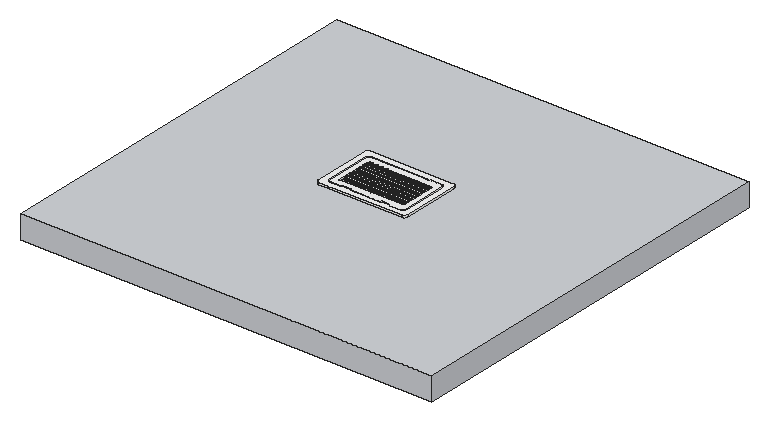
Revit family "111110008403001", category Modelos genéricos, Revit 2018
Family settings
  Anfitrión = Cara
  Puede alojar armadura = No
  Cota de conector redondo = Diámetro de uso
  Tipo de pieza = Normal
  Corte con vacíos al cargar = No
  Compartido = No
  Punto de cálculo de habitación = No
Parameters (values of type "CELOSIA REVERSIBLE PP 28X20MM BLANCO")
  Ventajas = ""
  Uso = "Se utiliza como sistema de ventilación en Puertas, Shaft, Muro y Tina"
  Url Ficha tecnica = "https://empresascnp.cl/wp-content/uploads//pdf/ficha-tecnica-celosia-reversible-pp-28x20mm-blanco.pdf"
  Unidad = "Cajas de 50 Unidades"
  URL = "https://www.empresascnp.cl/"
  Num SKUs = "111110008403001"
  Nombre SKU = "CELOSIA REVERSIBLE PP 28X20MM BLANCO"
  Model = "CELOSIA REVERSIBLE"
  Material = PP Blanco
  Largo = 200.00 mm
  Espesor = 1.00 mm
  Empresa = "CNP SPA."
  Elevación por defecto = 1000.00 mm
  Dureza = ""
  Dimension = 280.00 mm
  Description = ""
  Assembly Code = ""
  Contacto = "info@empresascnp.cl"
  Color = "Blanco"
  Aplicacion = ""
Reference planes
  plane 1: z = 0
  plane 2 "level above": z = 15
  plane 3 "level below": z = -50
  plane 4 "izq": x = -176.738
  plane 5: y = 105.02
  plane 6: y = 5.02
  plane 7: y = 15.02
  plane 8: y = -4.98
  plane 9: x = -36.738
  plane 10: x = -26.738
  plane 11: x = -46.738
  plane 12: y = -94.98
  plane 13 "2": x = 103.262
  plane 14: y = 92.939
  plane 15: x = -164.656
  plane 16: x = 13.262
  plane 17: y = 58.143
  plane 18: y = -48.102
Forms (mm)
  Extrusion 1, solid
    sketch origin (0, 0, 0) x (1, 0, 0) y (0, 1, 0)
      loop
        line (-644.525, 571.5) -> (-644.525, -666.75) -> (644.525, -666.75) -> (644.525, 571.5) -> (-644.525, 571.5)
    from 0 to -72.672
  Revolve 2, void, not visible
    sketch origin (-150.829, 0, 5) x (-1, 0, 0) y (0, 1, 0)
      loop
        line (-149.164, 92.939) -> (-149.164, 94.562) -> (-184.164, 94.562) -> (-184.164, 77.939) -> (-164.164, 77.939)
        arc (-164.164, 77.939) -> (-159.771, 88.545) -> (-149.164, 92.939) r 15
      axis (-149.164, 94.562) -> (-149.164, 77.939)
    angle from 0 to -90
  Extrusion 3, solid, not visible
    sketch origin (-176.738, 0, 5) x (0, 1, 0) y (0, 0, 1)
      loop
        line (77.939, 15) -> (77.939, 0) -> (92.939, 0)
        arc (92.939, 0) -> (88.545, 10.607) -> (77.939, 15) r 15
    from 12.574 to 190.074
  Revolve 4, void, not visible
    sketch origin (0, 0, 5) x (1, 0, 0) y (0, 1, 0)
      loop
        line (-149.164, 92.939) -> (-149.164, 94.493) -> (-184.164, 94.493) -> (-184.164, 77.939) -> (-164.164, 77.939)
        arc (-164.164, 77.939) -> (-159.771, 88.545) -> (-149.164, 92.939) r 15
      axis (-149.164, 94.493) -> (-149.164, 77.939)
    angle from 0 to -90
  Extrusion 5, solid, material "PP Blanco" <- "Material"
    sketch origin (30, 0, -15) x (1, 0, 0) y (0, 1, 0)
      loop
        arc (-196.738, 105.02) -> (-203.809, 102.092) -> (-206.738, 95.02) r 10
        line (-206.738, 95.02) -> (-206.738, -84.98)
        arc (-206.738, -84.98) -> (-203.809, -92.051) -> (-196.738, -94.98) r 10
        line (-196.738, -94.98) -> (63.262, -94.98)
        arc (63.262, -94.98) -> (70.333, -92.051) -> (73.262, -84.98) r 10
        line (73.262, -84.98) -> (73.262, 95.02)
        arc (73.262, 95.02) -> (70.333, 102.092) -> (63.262, 105.02) r 10
        line (63.262, 105.02) -> (-196.738, 105.02)
      loop
        arc (-176.738, 85.02) -> (-183.809, 82.092) -> (-186.738, 75.02) r 10
        line (-186.738, 75.02) -> (-186.738, -64.98)
        arc (-186.738, -64.98) -> (-183.809, -72.051) -> (-176.738, -74.98) r 10
        line (-176.738, -74.98) -> (43.262, -74.98)
        arc (43.262, -74.98) -> (50.333, -72.051) -> (53.262, -64.98) r 10
        line (53.262, -64.98) -> (53.262, 75.02)
        arc (53.262, 75.02) -> (50.333, 82.092) -> (43.262, 85.02) r 10
        line (43.262, 85.02) -> (-176.738, 85.02)
    from 15 to 20
  Extrusion 6, solid, material "PP Blanco" <- "Material"
    sketch origin (0, 0, 0) x (1, 0, 0) y (0, 1, 0)
      loop
        arc (-146.738, 85.02) -> (-153.809, 82.092) -> (-156.738, 75.02) r 10
        line (-156.738, 75.02) -> (-156.738, -64.98)
        arc (-156.738, -64.98) -> (-153.809, -72.051) -> (-146.738, -74.98) r 10
        line (-146.738, -74.98) -> (-113.274, -74.98) -> (-110.149, -71.855) -> (-84.878, -71.855) -> (-81.753, -74.98) -> (8.277, -74.98) -> (11.402, -71.855) -> (36.672, -71.855) -> (39.797, -74.98) -> (73.262, -74.98)
        arc (73.262, -74.98) -> (80.333, -72.051) -> (83.262, -64.98) r 10
        line (83.262, -64.98) -> (83.262, 75.02)
        arc (83.262, 75.02) -> (80.333, 82.092) -> (73.262, 85.02) r 10
        line (73.262, 85.02) -> (39.797, 85.02) -> (36.672, 81.895) -> (11.402, 81.895) -> (8.277, 85.02) -> (-81.753, 85.02) -> (-84.878, 81.895) -> (-110.149, 81.895) -> (-113.274, 85.02) -> (-146.738, 85.02)
      loop
        line (-136.738, 65.02) -> (-136.738, -54.98) -> (63.262, -54.98) -> (63.262, 65.02) -> (-136.738, 65.02)
    from 0 to 5
  Extrusion 7, solid, material "PP Blanco" <- "Material"
    sketch origin (0, 0, 0) x (1, 0, 0) y (0, 1, 0)
      loop
        line (-36.238, 65.02) -> (-37.238, 65.02) -> (-37.238, -54.98) -> (-36.238, -54.98) -> (-36.238, 65.02)
    from 2 to 3
  Extrusion 8, solid, material "PP Blanco" <- "Material"
    sketch origin (50, 0, 0) x (1, 0, 0) y (0, 1, 0)
      loop
        line (-36.238, 65.02) -> (-37.238, 65.02) -> (-37.238, -54.98) -> (-36.238, -54.98) -> (-36.238, 65.02)
    from 2 to 3
  Extrusion 9, solid, material "PP Blanco" <- "Material"
    sketch origin (-123.477, 0, 0) x (-1, 0, 0) y (0, -1, 0)
      loop
        line (-36.238, -65.02) -> (-36.238, 54.98) -> (-37.238, 54.98) -> (-37.238, -65.02) -> (-36.238, -65.02)
    from 2 to 3
  Extrusion 10, solid, material "PP Blanco" <- "Material"
    sketch origin (0, 0, 0) x (1, 0, 0) y (0, 1, 0)
      loop
        line (-136.738, 58.143) -> (-136.738, 54.508) -> (63.262, 54.508) -> (63.262, 58.143) -> (-136.738, 58.143)
    from 0 to 5
  Extrusion 11, solid, material "PP Blanco" <- "Material"
    sketch origin (0, -102.61, 0) x (1, 0, 0) y (0, 1, 0)
      loop
        line (-136.738, 58.143) -> (-136.738, 54.508) -> (63.262, 54.508) -> (63.262, 58.143) -> (-136.738, 58.143)
    from 0 to 5
  Extrusion 12, solid, material "PP Blanco" <- "Material"
    sketch origin (0, -8.551, 0) x (1, 0, 0) y (0, 1, 0)
      loop
        line (-136.738, 58.143) -> (-136.738, 54.508) -> (63.262, 54.508) -> (63.262, 58.143) -> (-136.738, 58.143)
    from 0 to 5
  Extrusion 13, solid, material "PP Blanco" <- "Material"
    sketch origin (0, -17.102, 0) x (1, 0, 0) y (0, 1, 0)
      loop
        line (-136.738, 58.143) -> (-136.738, 54.508) -> (63.262, 54.508) -> (63.262, 58.143) -> (-136.738, 58.143)
    from 0 to 5
  Extrusion 14, solid, material "PP Blanco" <- "Material"
    sketch origin (0, -25.652, 0) x (1, 0, 0) y (0, 1, 0)
      loop
        line (-136.738, 58.143) -> (-136.738, 54.508) -> (63.262, 54.508) -> (63.262, 58.143) -> (-136.738, 58.143)
    from 0 to 5
  Extrusion 15, solid, material "PP Blanco" <- "Material"
    sketch origin (0, -34.203, 0) x (1, 0, 0) y (0, 1, 0)
      loop
        line (-136.738, 58.143) -> (-136.738, 54.508) -> (63.262, 54.508) -> (63.262, 58.143) -> (-136.738, 58.143)
    from 0 to 5
  Extrusion 16, solid, material "PP Blanco" <- "Material"
    sketch origin (0, -42.754, 0) x (1, 0, 0) y (0, 1, 0)
      loop
        line (-136.738, 58.143) -> (-136.738, 54.508) -> (63.262, 54.508) -> (63.262, 58.143) -> (-136.738, 58.143)
    from 0 to 5
  Extrusion 17, solid, material "PP Blanco" <- "Material"
    sketch origin (0, -51.305, 0) x (1, 0, 0) y (0, 1, 0)
      loop
        line (-136.738, 58.143) -> (-136.738, 54.508) -> (63.262, 54.508) -> (63.262, 58.143) -> (-136.738, 58.143)
    from 0 to 5
  Extrusion 18, solid, material "PP Blanco" <- "Material"
    sketch origin (0, -59.856, 0) x (1, 0, 0) y (0, 1, 0)
      loop
        line (-136.738, 58.143) -> (-136.738, 54.508) -> (63.262, 54.508) -> (63.262, 58.143) -> (-136.738, 58.143)
    from 0 to 5
  Extrusion 19, solid, material "PP Blanco" <- "Material"
    sketch origin (0, -68.406, 0) x (1, 0, 0) y (0, 1, 0)
      loop
        line (-136.738, 58.143) -> (-136.738, 54.508) -> (63.262, 54.508) -> (63.262, 58.143) -> (-136.738, 58.143)
    from 0 to 5
  Extrusion 20, solid, material "PP Blanco" <- "Material"
    sketch origin (0, -76.957, 0) x (1, 0, 0) y (0, 1, 0)
      loop
        line (-136.738, 58.143) -> (-136.738, 54.508) -> (63.262, 54.508) -> (63.262, 58.143) -> (-136.738, 58.143)
    from 0 to 5
  Extrusion 21, solid, material "PP Blanco" <- "Material"
    sketch origin (0, -85.508, 0) x (1, 0, 0) y (0, 1, 0)
      loop
        line (-136.738, 58.143) -> (-136.738, 54.508) -> (63.262, 54.508) -> (63.262, 58.143) -> (-136.738, 58.143)
    from 0 to 5
  Extrusion 22, solid, material "PP Blanco" <- "Material"
    sketch origin (0, -94.059, 0) x (1, 0, 0) y (0, 1, 0)
      loop
        line (-136.738, 58.143) -> (-136.738, 54.508) -> (63.262, 54.508) -> (63.262, 58.143) -> (-136.738, 58.143)
    from 0 to 5
Lines and regions (mm)
  model lines, not visible
    curve 1: line (-164.164, 92.939, 0) -> (13.336, 92.939, 0)
    curve 2: line (13.336, 92.939, 0) -> (13.336, 77.939, 0)
    curve 3: line (13.336, 77.939, 0) -> (-164.164, 77.939, 0)
    curve 4: line (-164.164, 77.939, 0) -> (-164.164, 92.939, 0)
Dimensions and locks
  locked: plane 2 "level above" to level at 15
  locked: level to plane 3 "level below" at 50
  equal spacing: plane 12, plane 6, plane 5
  equal spacing: plane 7, plane 6, plane 8, locked at 10 each
  equal spacing: plane 4 "izq", plane 9, plane 13 "2"
  plane 11 to plane 9 to plane 10 = 10.00 mm locked, 10.00 mm locked
  equal spacing: group 3, group 5, group 6, group 7, group 8, group 9, group 10, group 11, group 12, group 13, group 14, group 15, group 4  (x2)
  equal spacing: group 4, group 15, group 14, group 13, group 12, group 11, group 10, group 9, group 8, group 7, group 6, group 5, group 3
  aligned and locked: plane 1 to Extrusion 1
  aligned and locked: level to Extrusion 1
Automatic sketch dimensions
  Extrusion 1 sketch curve to Extrusion 1 sketch curve = 1289.05 mm
  Extrusion 1 sketch curve to Extrusion 1 sketch curve = 1238.25 mm
  Extrusion 5 sketch curve to plane 4 "izq" = 0.00 mm
  plane 12 to Extrusion 5 sketch curve = 0.00 mm
  plane 5 to Extrusion 5 sketch curve = 0.00 mm
  Extrusion 5 sketch curve to plane 13 "2" = 0.00 mm
  Extrusion 5 sketch curve to plane 15 = 2.082 mm  (x2)
  plane 15 to Extrusion 5 sketch curve = 7.918 mm
  Extrusion 5 sketch curve to Extrusion 5 sketch curve = 10.00 mm  (x3)
  plane 14 to Extrusion 5 sketch curve = 7.918 mm
  Extrusion 5 sketch curve to plane 13 "2" = 30.00 mm  (x2)
  Extrusion 5 sketch curve to plane 14 = 2.082 mm
  Extrusion 5 sketch curve to plane 12 = 10.00 mm
  Extrusion 5 sketch curve to plane 12 = 20.00 mm
  plane 15 to Extrusion 6 sketch curve = 7.918 mm
  Extrusion 6 sketch curve to Extrusion 6 sketch curve = 10.00 mm  (x9)
  plane 14 to Extrusion 6 sketch curve = 7.918 mm  (x3)
  Extrusion 6 sketch curve to Extrusion 6 sketch curve = 23.464 mm  (x3)
  plane 14 to Extrusion 6 sketch curve = 11.043 mm  (x2)
  Extrusion 6 sketch curve to Extrusion 6 sketch curve = 3.125 mm  (x8)
  Extrusion 6 sketch curve to Extrusion 6 sketch curve = 25.271 mm  (x2)
  plane 16 to Extrusion 6 sketch curve = 4.985 mm  (x2)
  plane 16 to Extrusion 6 sketch curve = 1.86 mm  (x2)
  Extrusion 6 sketch curve to plane 16 = 23.411 mm  (x2)
  Extrusion 6 sketch curve to plane 12 = 40.00 mm
  Extrusion 6 sketch curve to plane 12 = 23.125 mm
  plane 9 to Extrusion 7 sketch curve = 0.50 mm
  Extrusion 7 sketch curve to plane 9 = 0.50 mm
  Extrusion 7 sketch curve to plane 12 = 40.00 mm
  plane 14 to Extrusion 7 sketch curve = 27.918 mm
  plane 16 to Extrusion 8 sketch curve = 0.50 mm
  Extrusion 8 sketch curve to plane 16 = 0.50 mm
  Extrusion 8 sketch curve to plane 12 = 40.00 mm
  plane 14 to Extrusion 8 sketch curve = 27.918 mm
  plane 11 to Extrusion 9 sketch curve = 39.50 mm
  Extrusion 9 sketch curve to Extrusion 9 sketch curve = 1.00 mm
  plane 12 to Extrusion 9 sketch curve = 40.00 mm
  Extrusion 9 sketch curve to plane 14 = 27.918 mm
  Extrusion 10 sketch curve to Extrusion 10 sketch curve = 3.635 mm
  Extrusion 10 sketch curve to Extrusion 10 sketch curve = 200.00 mm
  Extrusion 11 sketch curve to Extrusion 11 sketch curve = 3.635 mm
  Extrusion 11 sketch curve to Extrusion 11 sketch curve = 200.00 mm
  Extrusion 12 sketch curve to Extrusion 12 sketch curve = 3.635 mm
  Extrusion 12 sketch curve to Extrusion 12 sketch curve = 200.00 mm
  Extrusion 13 sketch curve to Extrusion 13 sketch curve = 3.635 mm
  Extrusion 13 sketch curve to Extrusion 13 sketch curve = 200.00 mm
  Extrusion 14 sketch curve to Extrusion 14 sketch curve = 3.635 mm
  Extrusion 14 sketch curve to Extrusion 14 sketch curve = 200.00 mm
  Extrusion 15 sketch curve to Extrusion 15 sketch curve = 3.635 mm
  Extrusion 15 sketch curve to Extrusion 15 sketch curve = 200.00 mm
  Extrusion 16 sketch curve to Extrusion 16 sketch curve = 3.635 mm
  Extrusion 16 sketch curve to Extrusion 16 sketch curve = 200.00 mm
  Extrusion 17 sketch curve to Extrusion 17 sketch curve = 3.635 mm
  Extrusion 17 sketch curve to Extrusion 17 sketch curve = 200.00 mm
  Extrusion 18 sketch curve to Extrusion 18 sketch curve = 3.635 mm
  Extrusion 18 sketch curve to Extrusion 18 sketch curve = 200.00 mm
  Extrusion 19 sketch curve to Extrusion 19 sketch curve = 3.635 mm
  Extrusion 19 sketch curve to Extrusion 19 sketch curve = 200.00 mm
  Extrusion 20 sketch curve to Extrusion 20 sketch curve = 3.635 mm
  Extrusion 20 sketch curve to Extrusion 20 sketch curve = 200.00 mm
  Extrusion 21 sketch curve to Extrusion 21 sketch curve = 3.635 mm
  Extrusion 21 sketch curve to Extrusion 21 sketch curve = 200.00 mm
  Extrusion 22 sketch curve to Extrusion 22 sketch curve = 3.635 mm
  Extrusion 22 sketch curve to Extrusion 22 sketch curve = 200.00 mm
